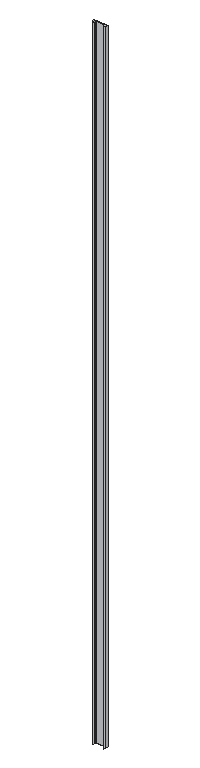
Revit family "鋼板樁角樁2", category 一般模型, Revit 2017
Family settings
  可以作為鋼筋主體 = 否
  圓形接點標註 = 使用直徑
  組件類型 = 正常
  以工作平面為基礎 = 否
  總是垂直 = 是
  載入時使用空心挖方 = 否
  共用 = 否
  房間計算點 = 否
Parameters
  b = 200 mm
  a = -7800 mm
Reference planes
  plane 1 "中心 (前/後)": y = 0
  plane 2: z = 0
  plane 3 "中心 (左/右)": x = 0
Forms (mm)
  Extrusion 1, solid
    sketch origin (-37.139, 40.15, 0) x (1, 0, 0) y (0, 1, 0)
      loop
        line (52.505, 0.384) -> (185.84, 0.384) -> (185.674, -0.601) -> (187.852, -0.601) -> (187.852, -17.335) -> (178.829, -26.359) -> (186.375, -33.906) -> (199.665, -20.616) -> (199.665, 6.618) -> (175.344, 6.618) -> (175.122, 5.306) -> (59.102, 5.306) -> (58.825, 6.946) -> (31.663, 6.946) -> (31.663, -15.695) -> (48.398, -32.429) -> (54.961, -25.866) -> (41.179, -12.085) -> (41.179, -0.929) -> (52.727, -0.929) -> (52.505, 0.384)
    from 200 <- "b" to -7800 <- "a"
Dimensions and locks
  aligned and locked: level to plane 2
